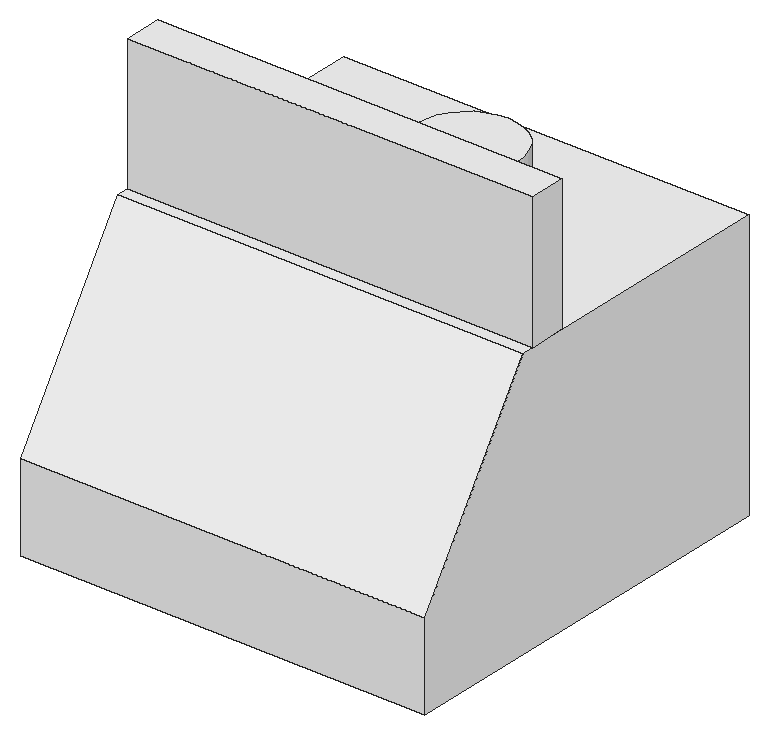
Revit family "v-604_904kd8_50Hz", category 機械設備, Revit 2019
Family settings
  丸型コネクタ寸法 = 直径を使用
  パーツ タイプ = 標準
  OmniClass 番号 = 23.75.35.17.27
  OmniClass タイトル = Centrifugal Fans
  作業面ベース = いいえ
  常に垂直 = はい
  ロード時にボイドで切り取り = いいえ
  共有 = いいえ
  部屋計算ポイント = いいえ
Parameters (values of type "V-604KD8")
  騒音レベル(dB(A)) = 39.5
  風量 = 600.0 m³/h
  電源種別 [instance] = ""
  電圧 = 100 V
  電動機出力 = 0 W
  電動機_種別 = ""
  集中コントローラ = ""
  運転質量 = 0.00 kg
  連動 [instance] = ""
  質量 = if(製品質量 > 運転質量, 製品質量, 運転質量) * 1.2  # 21.00 kg
  負荷分類 = 3_ファン類
  説明 = "レンジフードファン 深形 標準タイプ フラットスイッチタイプ"
  設計風量 = 0.0 m³/h
  設置方法 = "天吊"
  記号 [instance] = ""
  製造元 = "三菱電機株式会社"
  製品質量 = 17.50 kg
  製品出荷対象 = "国内"
  製品リリース年月 = "2022年6月1日"
  製品グループ = ""
  系統 [instance] = ""
  符号 = if(☑給気／□排気, "FS", "FE")  # "FE"
  積算_科目 = "2 換気設備"
  積算_拾い区分 [instance] = ""
  相 = 1
  盤記号 [instance] = ""
  発停方法 [instance] = ""
  特殊仕様 [instance] = ""
  火災停止 [instance] = ""
  消費電力 = 79 W
  法定耐用年数 = "15"
  機外静圧_排気 = 210.0 Pa
  機外静圧 = 0.0 Pa
  極数 = 2
  材質 [instance] = ""
  操作・制御方式 = ""
  操作・制御スイッチ = ""
  排気量 = 0.0 m³/h
  形式 = "片吸込形"
  幹線記号 [instance] = ""
  対象室 [instance] = ""
  実風量 = 0.0 m³/h
  始動方式 [instance] = "直入"
  天吊用穴_D_後・上配管 = 255 mm
  天吊用穴_D_右・左配管 = 290 mm
  天吊用穴_ピッチ = 480 mm
  外気量 = 0.0 m³/h
  呼称 = "遠心送風機"
  周波数 = 50 Hz
  参照している仕様書等のバージョン = ""
  分類コード = "50052503100060"
  分類グループ = ""
  価格 = 109500
  企業コード = "108420"
  付属品_フィルター_還気 = ""
  付属品_フィルター = ""
  付属品 [instance] = ""
  仕様書バージョン = "Version1.0"
  モデル = "V-604KD8"
  マテリアル = 鋼板(白)
  ファンの種類 = ""
  ダクト径 = 150 mm
  コメント [instance] = ""
  Keynote = ""
  Assembly Code = ""
  ☑給気／□排気 = no
  Width = 600 mm
  W1 = Width / 2  # 300 mm
  Version = ""
  Uniclass2015Version = "Systems v1.9"
  Uniclass2015Title = "Centrifugal fans"
  Uniclass2015Code = "Pr_65_67_29_12"
  URL = "https://www.mitsubishielectric.co.jp/ldg/wink/ssl/displayProduct.do?pid=320912"
  SpecificationReference = ""
  SpecificationDescription = ""
  Revision = ""
  ProductInformation = ""
  OmniClassCode = "23-33 31 19 13 15"
  MIN風量 = 148.0 m³/h
  MIN静圧 = 0.0 Pa
  MID風量 = 350.0 m³/h
  MID静圧 = 0.0 Pa
  MAX風量 = 600.0 m³/h
  MAX静圧 = 0.0 Pa
  IfcTypeProduct = ""
  IfcProduct = ""
  IfcExportType = "CENTRIFUGALFORWARDCURVED"
  IfcExportAs = "IfcFanType"
  Height = 400 mm
  H2 = 600 mm
  H1 = 129 mm
  EAサイズ_D = 148 mm
  Duct_Height = 55 mm
  Duct_D = 145 mm
  Depth = 600 mm
  D3 = 55 mm
  D2 = 400 mm
  D1 = 419 mm
  Clearance Top = 0 mm
  Clearance Right = 0 mm
  Clearance Left = 0 mm
  Clearance Front = 0 mm
  Clearance Bottom = 0 mm
  Clearance Back = 0 mm
  Author = "三菱電機株式会社"
Types (3, lengths in mm): name | 質量 | 製品質量 | 価格 | モデル | Width | W1 | URL
  V-604KD8 | 21.00 kg | 17.50 kg | 109500 | "V-604KD8" | 600 | 300 | "https://www.mitsubishielectric.co.jp/ldg/wink/ssl/displayProduct.do?pid=320912"
  V-754KD8 | 23.40 kg | 19.50 kg | 144700 | "V-754KD8" | 750 | 375 | "https://www.mitsubishielectric.co.jp/ldg/wink/ssl/displayProduct.do?pid=320929"
  V-904KD8 | 25.80 kg | 21.50 kg | 180300 | "V-904KD8" | 900 | 450 | "https://www.mitsubishielectric.co.jp/ldg/wink/ssl/displayProduct.do?pid=320565"
Reference planes
  plane 1 "中心(正面/背面)": y = 0
  plane 2: z = 0
  plane 3 "中心(左/右)": x = 0
  plane 4: x = -300
  plane 5: x = 300
  plane 6: y = -600
  plane 7: z = -400
  plane 8: z = -271
  plane 9: z = 55
  plane 10: y = -300
  plane 11: y = -419
  plane 12: y = -145
  plane 13: z = 200
  plane 14: y = -345
  plane 15: y = -400
  plane 16: x = -240
  plane 17: x = 240
  plane 18: y = -255
  plane 19: y = -290
  plane 20: x = -150
  plane 21: x = 150
Forms (mm)
  Extrusion 1, solid, material "鋼板(白)" <- "マテリアル", detail levels fine
    sketch origin (0, 0, 0) x (1, 0, 0) y (0, 1, 0)
      loop
        line (-300, 0) -> (-300, -419) -> (300, -419) -> (300, 0) -> (-300, 0)
    from -400 to 0
  Blend 2, solid, material "鋼板(白)" <- "マテリアル", detail levels fine
    base sketch origin (0, 0, 0) x (1, 0, 0) y (0, 0, 1)
      loop
        line (-300, -400) -> (300, -400) -> (300, 0) -> (-300, 0) -> (-300, -400)
    top sketch origin (0, 0, 0) x (1, 0, 0) y (0, 0, 1)
      loop
        line (-300, -400) -> (300, -400) -> (300, -271) -> (-300, -271) -> (-300, -400)
    from 419 to 600
  Extrusion 3, solid, material "鋼板(白)" <- "マテリアル", detail levels fine
    sketch origin (0, 0, 0) x (1, 0, 0) y (0, 1, 0)
      loop
        circle (0, -145) r 74
    from 0 to 55
  Extrusion 4, solid, material "鋼板(白)" <- "マテリアル", detail levels fine
    sketch origin (0, 0, 0) x (1, 0, 0) y (0, 1, 0)
      loop
        line (-300, -345) -> (-300, -400) -> (300, -400) -> (300, -345) -> (-300, -345)
    from 0 to 200
Cuts and joins
  joined: Extrusion 1, Blend 2
Lines and regions (mm)
  Masking region 1, detail levels coarse+medium
    outline origin (1326.5, 29, 0) x (1, 0, 0) y (0, 1, 0)
      loop
        line (-1626.5, -29) -> (-1626.5, -629) -> (-1026.5, -629) -> (-1026.5, -29) -> (-1626.5, -29)
  symbolic lines, detail levels coarse+medium
    curve 1: circle (-150, -300, 0) r 150 normal (0, 0, 1)
    curve 2: circle (150, -300, 0) r 150 normal (0, 0, 1)
Dimensions and locks
  equal spacing: plane 4, plane 3 "中心(左/右)", plane 5
  "Width": plane 4 to plane 5
  equal spacing: plane 6, plane 10, plane 1 "中心(正面/背面)"
  "Depth": plane 1 "中心(正面/背面)" to plane 6
  "D1": plane 1 "中心(正面/背面)" to plane 11
  "Duct_D": plane 1 "中心(正面/背面)" to plane 12
  "Height": level to plane 7
  "Duct_Height": plane 9 to level
  "H1": plane 8 to plane 7
  "H2": plane 13 to plane 7
  "D3": plane 14 to plane 15
  "D2": plane 1 "中心(正面/背面)" to plane 15
  "天吊用穴_ピッチ": plane 16 to plane 17
  equal spacing: plane 16, plane 3 "中心(左/右)", plane 17
  "天吊用穴_D_後・上配管": plane 1 "中心(正面/背面)" to plane 18
  "天吊用穴_D_右・左配管": plane 1 "中心(正面/背面)" to plane 19
  equal spacing: plane 4, plane 20, plane 3 "中心(左/右)"
  equal spacing: plane 3 "中心(左/右)", plane 21, plane 5
  "EAサイズ_D": diameter of Extrusion 3 sketch curve
  "W1": diameter of curve 1
  "W1": diameter of curve 2
  aligned and locked: level to plane 2
  aligned and locked: Masking region 1 to plane 4
  aligned and locked: plane 5 to Masking region 1
  aligned and locked: Masking region 1 to plane 6
  aligned and locked: Masking region 1 to plane 1 "中心(正面/背面)"
  aligned and locked: plane 1 "中心(正面/背面)" to Extrusion 1 sketch curve
  aligned and locked: plane 4 to Extrusion 1 sketch curve
  aligned and locked: plane 11 to Extrusion 1 sketch curve
  aligned and locked: Extrusion 1 sketch curve to plane 5
  aligned and locked: Blend 2 sketch curve to plane 7  (x2)
  aligned and locked: level to Blend 2 sketch curve
  aligned and locked: Blend 2 sketch curve to plane 5
  aligned and locked: Blend 2 sketch curve to plane 4
  aligned and locked: var sketch to Blend 2 sketch curve
  aligned and locked: Extrusion 1 to plane 7
  aligned and locked: level to Extrusion 1
  aligned and locked: Blend 2 to plane 6
  aligned and locked: plane 11 to Blend 2
  aligned and locked: plane 9 to Extrusion 3
  aligned and locked: Extrusion 3 to level
  aligned and locked: plane 8 to Blend 2 sketch curve
  aligned and locked: Extrusion 4 sketch curve to plane 14
  aligned and locked: plane 4 to Extrusion 4 sketch curve
  aligned and locked: plane 15 to Extrusion 4 sketch curve
  aligned and locked: Extrusion 4 sketch curve to plane 5
  aligned and locked: plane 13 to Extrusion 4
  aligned and locked: Extrusion 4 to level
  aligned and locked: nested 1 to plane 19
  aligned and locked: plane 18 to nested 1
  aligned and locked: plane 16 to nested 1
  aligned and locked: plane 17 to nested 1
Automatic sketch dimensions
  Masking region 1 sketch curve to plane 4 = 0 mm
  Masking region 1 sketch curve to plane 5 = 0 mm
  Masking region 1 sketch curve to plane 6 = 0 mm
  plane 1 "中心(正面/背面)" to Masking region 1 sketch curve = 0 mm
  Blend 2 sketch curve to plane 4 = 0 mm
  Extrusion 3 sketch curve to plane 3 "中心(左/右)" = 0 mm
  Extrusion 3 sketch curve to plane 12 = 0 mm
  curve 1 to plane 10 = 0 mm
  curve 1 to plane 20 = 0 mm
  curve 2 to plane 10 = 0 mm
  curve 2 to plane 21 = 0 mm
Nested families
  nested 1: "固定点" at (-240, -290, 0), type "固定点"
    with W 480 mm, D 35 mm
Connectors
  hvac at (0, -145, 55), driven by "ダクト径", driven by "機外静圧", driven by "風量"
    settings: on Extrusion 3, index 1, duct flow 600.0 m³/h, flow factor 0, pres drop 0.0 Pa, loss coef 0, conn angle 0.00°, conn width 304.8 mm, conn height 304.8 mm, conn diameter 150 mm, duct sys type 3, conn prof type 0, flow config 0, flow direction 2, loss method 4, conn ref index -1, conn util no, is conn primary yes, conn desc ""
  electrical at (0, -209.5, 0), driven by "極数", driven by "負荷分類", driven by "電圧", driven by "消費電力"
    settings: on cut or joined group of Extrusion 1, Blend 2, index 2, voltage 100 V, apparent load 79 VA, apparent load phase1 0 VA, apparent load phase2 0 VA, apparent load phase3 0 VA, power factor 1, load classification "3_ファン類", number of poles 2, system type 30, power factor state 1, is connector primary yes, connector utility no, sub classification motor no, connector description ""
Definition of nested family "固定点"
  Parameters (values of type "固定点")
    中心円 = 20 mm
    W [instance] = 1000 mm
    D [instance] = 1000 mm
  Reference planes
    plane 1 "中心(正面/背面)": y = 0
    plane 2: z = 0
    plane 3 "中心(左/右)": x = 0
    plane 4: x = 1000
    plane 5: y = 1000
  Lines and regions (mm)
    symbolic lines, detail levels fine
      curve 1: circle (0, 1000, 0) r 10 normal (0, 0, 1)
      curve 2: circle (0, 0, 0) r 10 normal (0, 0, 1)
      curve 3: circle (1000, 1000, 0) r 10 normal (0, 0, 1)
      curve 4: circle (1000, 0, 0) r 10 normal (0, 0, 1)
      curve 5: line (-200, 1000, 0) -> (1200, 1000, 0)
      curve 6: line (-200, 0, 0) -> (1200, 0, 0)
      curve 7: line (0, 1200, 0) -> (0, -200, 0)
      curve 8: line (1000, 1200, 0) -> (1000, -200, 0)
  Dimensions and locks
    "W": plane 3 "中心(左/右)" to plane 4
    "D": plane 1 "中心(正面/背面)" to plane 5
    "中心円": diameter of curve 1
    "中心円": diameter of curve 2
    "中心円": diameter of curve 3
    "中心円": diameter of curve 4
    aligned and locked: level to plane 2
    aligned and locked: plane 5 to curve 1
    aligned and locked: plane 3 "中心(左/右)" to curve 1
    aligned and locked: plane 3 "中心(左/右)" to curve 2
    aligned and locked: plane 1 "中心(正面/背面)" to curve 2
    aligned and locked: plane 4 to curve 3
    aligned and locked: plane 5 to curve 3
    aligned and locked: plane 1 "中心(正面/背面)" to curve 4
    aligned and locked: plane 4 to curve 4
    aligned and locked: plane 1 "中心(正面/背面)" to curve 6
    aligned and locked: curve 7 to plane 3 "中心(左/右)"
    aligned and locked: curve 8 to plane 4
  Automatic sketch dimensions
    curve 5 to plane 5 = 0 mm
    curve 6 to plane 3 "中心(左/右)" = 200 mm
    curve 5 to plane 3 "中心(左/右)" = 200 mm
    curve 4 to curve 6 = 200 mm
    curve 3 to curve 5 = 200 mm
    plane 1 "中心(正面/背面)" to curve 8 = 200 mm
    plane 1 "中心(正面/背面)" to curve 7 = 200 mm
    curve 3 to curve 8 = 200 mm
    curve 1 to curve 7 = 200 mm
